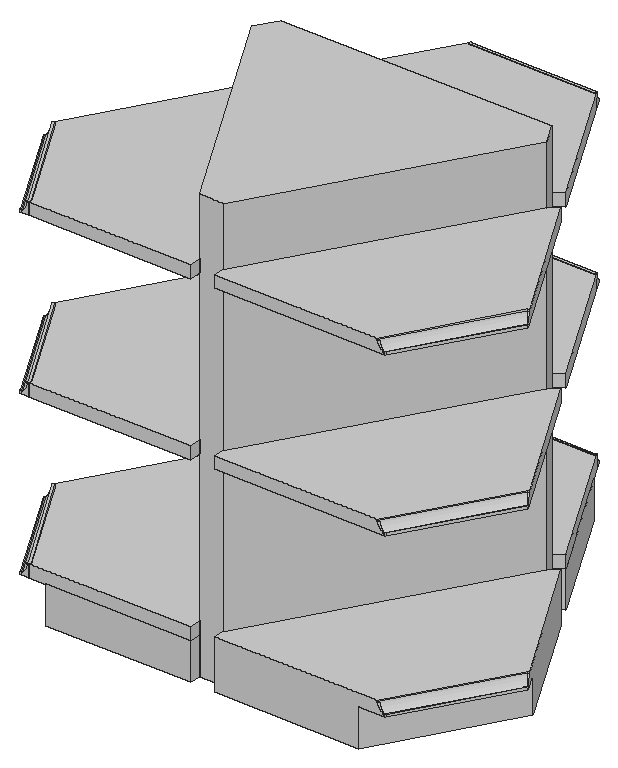
Revit family "Y_StarterSet", category Specialty Equipment, Revit 2012
Parameters
  Base Shelf [instance] = yes
  2' Shelf [instance] = yes
  3' 6" Shelf [instance] = yes
  5' shelf [instance] = yes
  6' 6" Shelf [instance] = yes
Reference planes (in)
  plane 1 "Center (Front/Back)": y = 0
  plane 2: z = 0
  plane 3 "Center (Left/Right)": x = 0
  plane 4: z = 5.5
  plane 5: z = 4.125
  plane 6: z = 23.5
  plane 7: z = 41.5
  plane 8: z = 59.5
  plane 9: z = 77.5
  plane 10: z = 22.125
  plane 11: z = 40.125
  plane 12: z = 58.125
  plane 13: z = 76.125
Forms (in)
  Extrusion 1, solid, material "Metal - Steel", visible <- "Base Shelf"
    sketch origin (25.30513, 6.15738, 0) x (0.5, 0.866025, 0) y (-0.866025, 0.5, 0)
      loop
        line (-16.21474, 18.26998) -> (-17.29727, 17.64498) -> (-8.35977, 2.16478) -> (-8.10977, 2.30912) -> (5.67996, 2.30931) -> (5.93029, 2.16478) -> (14.86779, 17.64498) -> (13.78526, 18.26998) -> (-16.21474, 18.26998)
    from 4.125 to 5.5
  Sweep 2, solid, material "Metal - Steel", visible <- "Base Shelf"
    path in 3D
      loop
        line (19.25049, 0, 5.5) -> (19.25049, 0.28868, 5.5) -> (26.14518, 12.23103, 5.5) -> (26.39552, 12.37556, 5.5)
    profile origin (19.25049, 0.14434, 5.5) x (-1, 0, 0) y (0, 0, 1)
      loop
        line (0, 0) -> (-0.25, 0) -> (-0.25, -0.125) -> (-0.125, -0.125)
        arc (-0.125, -0.125) -> (-0.38696, -0.76286) -> (-0.875, -1.25) r 1.75
        line (-0.875, -1.25) -> (-0.875, -1.125) -> (-1, -1.125) -> (-1, -1.375) -> (0, -1.375) -> (0, 0)
  Extrusion 3, solid, material "Metal - Steel", visible <- "Base Shelf"
    sketch origin (1.37549, 0, 0) x (1, 0, 0) y (0, 1, 0)
      loop
        line (0, 0) -> (16, 0) -> (24.08253, 13.99936) -> (16.08253, 27.85576) -> (15, 27.23076) -> (0, 1.25) -> (0, 0)
    from 0 to 4.125
  Extrusion 4, solid, material "Metal - Steel", visible <- "2' Shelf"
    sketch origin (1.37549, 0, 0) x (1, 0, 0) y (0, 1, 0)
      loop
        line (0, 1.24916) -> (0, 0) -> (17.875, 0) -> (17.875, 0.28868) -> (24.7697, 12.23103) -> (25.02003, 12.37556) -> (16.08253, 27.85576) -> (15, 27.23076) -> (0, 1.24916)
    from 22.125 to 23.5
  Extrusion 5, solid, material "Metal - Steel", visible <- "3' 6" Shelf"
    sketch origin (1.37549, 0, 0) x (1, 0, 0) y (0, 1, 0)
      loop
        line (0, 1.24916) -> (0, 0) -> (17.875, 0) -> (17.875, 0.28868) -> (24.7697, 12.23103) -> (25.02003, 12.37556) -> (16.08253, 27.85576) -> (15, 27.23076) -> (0, 1.24916)
    from 40.125 to 41.5
  Sweep 6, solid, material "Metal - Steel", visible <- "2' Shelf"
    path in 3D
      loop
        line (19.25049, 0, 23.5) -> (19.25049, 0.28868, 23.5) -> (26.14518, 12.23103, 23.5) -> (26.39552, 12.37556, 23.5)
    profile origin (19.25049, 0.14434, 23.5) x (-1, 0, 0) y (0, 0, 1)
      loop
        line (0, 0) -> (-0.25, 0) -> (-0.25, -0.125) -> (-0.125, -0.125)
        arc (-0.125, -0.125) -> (-0.38696, -0.76286) -> (-0.875, -1.25) r 1.75
        line (-0.875, -1.25) -> (-0.875, -1.125) -> (-1, -1.125) -> (-1, -1.375) -> (0, -1.375) -> (0, 0)
  Sweep 7, solid, material "Metal - Steel", visible <- "3' 6" Shelf"
    path in 3D
      loop
        line (19.25049, 0, 41.5) -> (19.25049, 0.28868, 41.5) -> (26.14518, 12.23103, 41.5) -> (26.39552, 12.37556, 41.5)
    profile origin (19.25049, 0.14434, 41.5) x (-1, 0, 0) y (0, 0, 1)
      loop
        arc (-0.125, -0.125) -> (-0.38696, -0.76286) -> (-0.875, -1.25) r 1.75
        line (-0.875, -1.25) -> (-0.875, -1.125) -> (-1, -1.125) -> (-1, -1.375) -> (0, -1.375) -> (0, 0) -> (-0.25, 0) -> (-0.25, -0.125) -> (-0.125, -0.125)
  Extrusion 8, solid, material "Metal - Steel", visible <- "Base Shelf"
    sketch origin (-1.21498, 47.88232, 0) x (-1, 0, 0) y (0, -1, 0)
      loop
        line (-16.21474, 18.26998) -> (-17.29727, 17.64498) -> (-8.35977, 2.16478) -> (-8.10977, 2.30912) -> (5.67996, 2.30931) -> (5.93029, 2.16478) -> (14.86779, 17.64498) -> (13.78526, 18.26998) -> (-16.21474, 18.26998)
    from 4.125 to 5.5
  Sweep 9, solid, material "Metal - Steel", visible <- "Base Shelf"
    path in 3D
      loop
        line (7.14479, 45.71754, 5.5) -> (6.89479, 45.5732, 5.5) -> (-6.89494, 45.573, 5.5) -> (-7.14528, 45.71754, 5.5)
    profile origin (7.01979, 45.64537, 5.5) x (0.5, -0.866025, 0) y (0, 0, 1)
      loop
        line (0, 0) -> (-0.25, 0) -> (-0.25, -0.125) -> (-0.125, -0.125)
        arc (-0.125, -0.125) -> (-0.38696, -0.76286) -> (-0.875, -1.25) r 1.75
        line (-0.875, -1.25) -> (-0.875, -1.125) -> (-1, -1.125) -> (-1, -1.375) -> (0, -1.375) -> (0, 0)
  Extrusion 10, solid, material "Metal - Steel", visible <- "Base Shelf"
    sketch origin (16.08229, 30.23733, 0) x (-0.5, 0.866025, 0) y (-0.866025, -0.5, 0)
      loop
        line (0, 0) -> (16, 0) -> (24.08253, 13.99936) -> (16.08253, 27.85576) -> (15, 27.23076) -> (0, 1.25) -> (0, 0)
    from 0 to 4.125
  Extrusion 11, solid, material "Metal - Steel", visible <- "2' Shelf"
    sketch origin (16.08229, 30.23733, 0) x (-0.5, 0.866025, 0) y (-0.866025, -0.5, 0)
      loop
        line (0, 1.24916) -> (0, 0) -> (17.875, 0) -> (17.875, 0.28868) -> (24.7697, 12.23103) -> (25.02003, 12.37556) -> (16.08253, 27.85576) -> (15, 27.23076) -> (0, 1.24916)
    from 22.125 to 23.5
  Extrusion 12, solid, material "Metal - Steel", visible <- "3' 6" Shelf"
    sketch origin (16.08229, 30.23733, 0) x (-0.5, 0.866025, 0) y (-0.866025, -0.5, 0)
      loop
        line (0, 1.24916) -> (0, 0) -> (17.875, 0) -> (17.875, 0.28868) -> (24.7697, 12.23103) -> (25.02003, 12.37556) -> (16.08253, 27.85576) -> (15, 27.23076) -> (0, 1.24916)
    from 40.125 to 41.5
  Sweep 13, solid, material "Metal - Steel", visible <- "2' Shelf"
    path in 3D
      loop
        line (7.14479, 45.71754, 23.5) -> (6.89479, 45.5732, 23.5) -> (-6.89494, 45.573, 23.5) -> (-7.14528, 45.71754, 23.5)
    profile origin (7.01979, 45.64537, 23.5) x (0.5, -0.866025, 0) y (0, 0, 1)
      loop
        line (0, 0) -> (-0.25, 0) -> (-0.25, -0.125) -> (-0.125, -0.125)
        arc (-0.125, -0.125) -> (-0.38696, -0.76286) -> (-0.875, -1.25) r 1.75
        line (-0.875, -1.25) -> (-0.875, -1.125) -> (-1, -1.125) -> (-1, -1.375) -> (0, -1.375) -> (0, 0)
  Sweep 14, solid, material "Metal - Steel", visible <- "3' 6" Shelf"
    path in 3D
      loop
        line (7.14479, 45.71754, 41.5) -> (6.89479, 45.5732, 41.5) -> (-6.89494, 45.573, 41.5) -> (-7.14528, 45.71754, 41.5)
    profile origin (7.01979, 45.64537, 41.5) x (0.5, -0.866025, 0) y (0, 0, 1)
      loop
        arc (-0.125, -0.125) -> (-0.38696, -0.76286) -> (-0.875, -1.25) r 1.75
        line (-0.875, -1.25) -> (-0.875, -1.125) -> (-1, -1.125) -> (-1, -1.375) -> (0, -1.375) -> (0, 0) -> (-0.25, 0) -> (-0.25, -0.125) -> (-0.125, -0.125)
  Extrusion 15, solid, material "Metal - Steel", visible <- "Base Shelf"
    sketch origin (-24.08941, 4.05339, 0) x (0.5, -0.866025, 0) y (0.866025, 0.5, 0)
      loop
        line (-16.21474, 18.26998) -> (-17.29727, 17.64498) -> (-8.35977, 2.16478) -> (-8.10977, 2.30912) -> (5.67996, 2.30931) -> (5.93029, 2.16478) -> (14.86779, 17.64498) -> (13.78526, 18.26998) -> (-16.21474, 18.26998)
    from 4.125 to 5.5
  Sweep 16, solid, material "Metal - Steel", visible <- "Base Shelf"
    path in 3D
      loop
        line (-26.39455, 12.37556, 5.5) -> (-26.14455, 12.23122, 5.5) -> (-19.24951, 0.28906, 5.5) -> (-19.24951, 0, 5.5)
    profile origin (-26.26955, 12.30339, 5.5) x (0.5, 0.866025, 0) y (0, 0, 1)
      loop
        line (0, 0) -> (-0.25, 0) -> (-0.25, -0.125) -> (-0.125, -0.125)
        arc (-0.125, -0.125) -> (-0.38696, -0.76286) -> (-0.875, -1.25) r 1.75
        line (-0.875, -1.25) -> (-0.875, -1.125) -> (-1, -1.125) -> (-1, -1.375) -> (0, -1.375) -> (0, 0)
  Extrusion 17, solid, material "Metal - Steel", visible <- "Base Shelf"
    sketch origin (-17.45705, 27.85576, 0) x (-0.5, -0.866025, 0) y (0.866025, -0.5, 0)
      loop
        line (0, 0) -> (16, 0) -> (24.08253, 13.99936) -> (16.08253, 27.85576) -> (15, 27.23076) -> (0, 1.25) -> (0, 0)
    from 0 to 4.125
  Extrusion 18, solid, material "Metal - Steel", visible <- "2' Shelf"
    sketch origin (-17.45705, 27.85576, 0) x (-0.5, -0.866025, 0) y (0.866025, -0.5, 0)
      loop
        line (0, 1.24916) -> (0, 0) -> (17.875, 0) -> (17.875, 0.28868) -> (24.7697, 12.23103) -> (25.02003, 12.37556) -> (16.08253, 27.85576) -> (15, 27.23076) -> (0, 1.24916)
    from 22.125 to 23.5
  Extrusion 19, solid, material "Metal - Steel", visible <- "3' 6" Shelf"
    sketch origin (-17.45705, 27.85576, 0) x (-0.5, -0.866025, 0) y (0.866025, -0.5, 0)
      loop
        line (0, 1.24916) -> (0, 0) -> (17.875, 0) -> (17.875, 0.28868) -> (24.7697, 12.23103) -> (25.02003, 12.37556) -> (16.08253, 27.85576) -> (15, 27.23076) -> (0, 1.24916)
    from 40.125 to 41.5
  Sweep 20, solid, material "Metal - Steel", visible <- "2' Shelf"
    path in 3D
      loop
        line (-26.39455, 12.37556, 23.5) -> (-26.14455, 12.23122, 23.5) -> (-19.24951, 0.28906, 23.5) -> (-19.24951, 0, 23.5)
    profile origin (-26.26955, 12.30339, 23.5) x (0.5, 0.866025, 0) y (0, 0, 1)
      loop
        line (0, 0) -> (-0.25, 0) -> (-0.25, -0.125) -> (-0.125, -0.125)
        arc (-0.125, -0.125) -> (-0.38696, -0.76286) -> (-0.875, -1.25) r 1.75
        line (-0.875, -1.25) -> (-0.875, -1.125) -> (-1, -1.125) -> (-1, -1.375) -> (0, -1.375) -> (0, 0)
  Sweep 21, solid, material "Metal - Steel", visible <- "3' 6" Shelf"
    path in 3D
      loop
        line (-26.39455, 12.37556, 41.5) -> (-26.14455, 12.23122, 41.5) -> (-19.24951, 0.28906, 41.5) -> (-19.24951, 0, 41.5)
    profile origin (-26.26955, 12.30339, 41.5) x (0.5, 0.866025, 0) y (0, 0, 1)
      loop
        arc (-0.125, -0.125) -> (-0.38696, -0.76286) -> (-0.875, -1.25) r 1.75
        line (-0.875, -1.25) -> (-0.875, -1.125) -> (-1, -1.125) -> (-1, -1.375) -> (0, -1.375) -> (0, 0) -> (-0.25, 0) -> (-0.25, -0.125) -> (-0.125, -0.125)
  Extrusion 22, solid, material "Metal - Steel"
    sketch origin (0, 0, 0) x (1, 0, 0) y (0, 1, 0)
      loop
        line (-16.37476, 27.23034) -> (-1.37403, 1.24916) -> (1.37549, 1.24916) -> (16.37512, 27.23013) -> (14.99976, 29.61233) -> (-14.99951, 29.61233) -> (-16.37476, 27.23034)
    from 0 to 48
Cuts and joins
  joined: Extrusion 1, Sweep 2, Extrusion 3
  joined: Extrusion 4, Sweep 6
  joined: Extrusion 5, Sweep 7
Lines and regions (in)
  sketch lines
    curve 1: line (19.25049, 0, 5.5) -> (19.25049, 0.28868, 5.5)
    curve 2: line (19.25049, 0.28868, 5.5) -> (26.14518, 12.23103, 5.5)
    curve 3: line (26.14518, 12.23103, 5.5) -> (26.39552, 12.37556, 5.5)
    curve 4: line (19.25049, 0, 23.5) -> (19.25049, 0.28868, 23.5)
    curve 5: line (19.25049, 0.28868, 23.5) -> (26.14518, 12.23103, 23.5)
    curve 6: line (26.14518, 12.23103, 23.5) -> (26.39552, 12.37556, 23.5)
    curve 7: line (19.25049, 0, 41.5) -> (19.25049, 0.28868, 41.5)
    curve 8: line (19.25049, 0.28868, 41.5) -> (26.14518, 12.23103, 41.5)
    curve 9: line (26.14518, 12.23103, 41.5) -> (26.39552, 12.37556, 41.5)
    curve 10: line (7.14479, 45.71754, 5.5) -> (6.89479, 45.5732, 5.5)
    curve 11: line (6.89479, 45.5732, 5.5) -> (-6.89494, 45.573, 5.5)
    curve 12: line (-6.89494, 45.573, 5.5) -> (-7.14528, 45.71754, 5.5)
    curve 13: line (7.14479, 45.71754, 23.5) -> (6.89479, 45.5732, 23.5)
    curve 14: line (6.89479, 45.5732, 23.5) -> (-6.89494, 45.573, 23.5)
    curve 15: line (-6.89494, 45.573, 23.5) -> (-7.14528, 45.71754, 23.5)
    curve 16: line (7.14479, 45.71754, 41.5) -> (6.89479, 45.5732, 41.5)
    curve 17: line (6.89479, 45.5732, 41.5) -> (-6.89494, 45.573, 41.5)
    curve 18: line (-6.89494, 45.573, 41.5) -> (-7.14528, 45.71754, 41.5)
    curve 19: line (-26.39455, 12.37556, 5.5) -> (-26.14455, 12.23122, 5.5)
    curve 20: line (-26.14455, 12.23122, 5.5) -> (-19.24951, 0.28906, 5.5)
    curve 21: line (-19.24951, 0.28906, 5.5) -> (-19.24951, 0, 5.5)
    curve 22: line (-26.39455, 12.37556, 23.5) -> (-26.14455, 12.23122, 23.5)
    curve 23: line (-26.14455, 12.23122, 23.5) -> (-19.24951, 0.28906, 23.5)
    curve 24: line (-19.24951, 0.28906, 23.5) -> (-19.24951, 0, 23.5)
    curve 25: line (-26.39455, 12.37556, 41.5) -> (-26.14455, 12.23122, 41.5)
    curve 26: line (-26.14455, 12.23122, 41.5) -> (-19.24951, 0.28906, 41.5)
    curve 27: line (-19.24951, 0.28906, 41.5) -> (-19.24951, 0, 41.5)
Dimensions and locks (in)
  aligned and locked: level to plane 2
